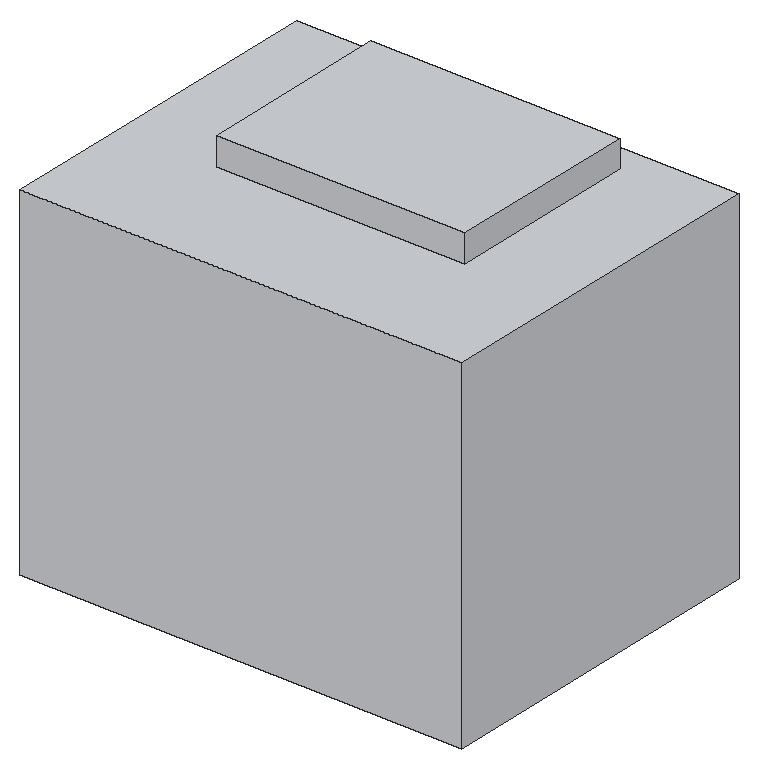
Revit family "c854d57a59bd4cbc8a73888a370b8e9b", category Mechanical Equipment, Revit 2021
Family settings
  Round Connector Dimension = Use Diameter
  Part Type = Normal
  OmniClass Number = 23.75.35.14
  OmniClass Title = Air Handling Units
  Seek Item ID = AHU Mixing Box - Economizer-0000-USA-ENU
  Work Plane-Based = No
  Always vertical = Yes
  Cut with Voids When Loaded = No
  Shared = No
  Room Calculation Point = No
Parameters (values of type "For 3 Square Feet of Coil")
  Width 1 = 0' - 2"
  Supply Air Outlet Width [instance] = 32"
  Supply Air Outlet Height [instance] = 25"
  Supply Air Outlet Flow [instance] = 1800 CFM
  Return Air Inlet Width [instance] = 32"
  Return Air Inlet Height [instance] = 25"
  Return Air Inlet Flow [instance] = 1440 CFM
  Fresh Air Inlet Width [instance] = 18"
  Fresh Air Inlet Height [instance] = 14"
  Fresh Air Inlet Flow [instance] = 360 CFM
  Economizer Width = 2' - 1"
  Economizer Material = none
  Economizer Length = 2' - 8"
  Economizer Height = 2' - 1"
  Default Elevation = 0' - 0"
  Air Pressure Drop [instance] = 0.20 in-wg
Types (17): name | Width 1 | Supply Air Outlet Width | Supply Air Outlet Height | Supply Air Outlet Flow | Return Air Inlet Width | Return Air Inlet Height | Return Air Inlet Flow | Fresh Air Inlet Width | Fresh Air Inlet Height | Fresh Air Inlet Flow | Economizer Width | Economizer Length | Economizer Height
  (no name) | 0' - 2" | 32" | 25" | 1800 CFM | 32" | 25" | 1440 CFM | 18" | 14" | 360 CFM | 2' - 1" | 2' - 8" | 2' - 1"
  For 3 Square Feet of Coil | 0' - 2" | 32" | 25" | 1800 CFM | 32" | 25" | 1440 CFM | 18" | 14" | 360 CFM | 2' - 1" | 2' - 8" | 2' - 1"
  For 100 Square Feet of Coil | 0' - 4" | 152" | 120" | 60000 CFM | 152" | 120" | 48000 CFM | 146" | 54" | 12000 CFM | 5' - 0" | 12' - 8" | 10' - 0"
  For 6 Square Feet of Coil | 0' - 3" | 44" | 28" | 3600 CFM | 44" | 28" | 2880 CFM | 32" | 14" | 720 CFM | 2' - 4" | 3' - 8" | 2' - 4"
  For 8 Square Feet of Coil | 0' - 4" | 48" | 32" | 4800 CFM | 48" | 32" | 3840 CFM | 34" | 14" | 960 CFM | 2' - 8" | 4' - 0" | 2' - 8"
  For 10 Square Feet of Coil | 0' - 4" | 60" | 34" | 6000 CFM | 60" | 34" | 4800 CFM | 56" | 20" | 1200 CFM | 2' - 10" | 5' - 0" | 2' - 10"
  For 12 Square Feet of Coil | 0' - 4" | 64" | 38" | 7200 CFM | 64" | 38" | 5760 CFM | 60" | 20" | 1440 CFM | 2' - 10" | 5' - 4" | 3' - 2"
  For 14 Square Feet of Coil | 0' - 4" | 68" | 40" | 8400 CFM | 68" | 40" | 6720 CFM | 64" | 20" | 1680 CFM | 2' - 10" | 5' - 8" | 3' - 4"
  For 17 Square Feet of Coil | 0' - 4" | 74" | 44" | 10200 CFM | 74" | 44" | 8160 CFM | 70" | 26" | 2040 CFM | 2' - 10" | 6' - 2" | 3' - 8"
  For 21 Square Feet of Coil | 0' - 2" | 76" | 50" | 12600 CFM | 76" | 50" | 10080 CFM | 72" | 30" | 2520 CFM | 2' - 10" | 6' - 4" | 4' - 2"
  For 25 Square Feet of Coil | 0' - 4" | 78" | 56" | 15000 CFM | 78" | 56" | 12000 CFM | 72" | 32" | 3000 CFM | 3' - 4" | 6' - 6" | 4' - 8"
  For 30 Square Feet of Coil | 0' - 4" | 92" | 56" | 18000 CFM | 92" | 56" | 14400 CFM | 86" | 32" | 3600 CFM | 3' - 4" | 7' - 8" | 4' - 8"
  For 35 Square Feet of Coil | 0' - 4" | 96" | 62" | 21000 CFM | 96" | 62" | 16800 CFM | 90" | 36" | 4200 CFM | 4' - 0" | 8' - 0" | 5' - 2"
  For 40 Square Feet of Coil | 0' - 4" | 110" | 62" | 24000 CFM | 110" | 62" | 19200 CFM | 100" | 36" | 4800 CFM | 4' - 0" | 9' - 2" | 5' - 2"
  For 50 Square Feet of Coil | 0' - 4" | 120" | 74" | 30000 CFM | 120" | 74" | 24000 CFM | 114" | 36" | 6000 CFM | 4' - 0" | 10' - 0" | 6' - 2"
  For 66 Square Feet of Coil | 0' - 4" | 138" | 92" | 39600 CFM | 138" | 92" | 31680 CFM | 132" | 42" | 7920 CFM | 4' - 2" | 11' - 6" | 7' - 8"
  For 80 Square Feet of Coil | 0' - 4" | 138" | 110" | 48000 CFM | 138" | 110" | 38400 CFM | 136" | 48" | 9600 CFM | 4' - 6" | 11' - 6" | 9' - 2"
Reference planes (in)
  plane 1 "Center (Front/Back)": y = 0
  plane 2: z = 0
  plane 3 "Center (Left/Right)": x = 0
  plane 4: y = 25
  plane 5: x = -16
  plane 6: x = 16
  plane 7: z = 25
  plane 8: y = 23
  plane 9: x = -9
  plane 10: x = 9
  plane 11: y = 9
  plane 12: z = 27
Forms (in)
  Extrusion 1, solid, material <- "Economizer Material"
    sketch origin (0, 0, 0) x (1, 0, 0) y (0, 1, 0)
      loop
        line (-16, 25) -> (-16, 0) -> (16, 0) -> (16, 25) -> (-16, 25)
    from 0 to 25
  Extrusion 2, solid, material <- "Economizer Material"
    sketch origin (0, 0, 0) x (1, 0, 0) y (0, 1, 0)
      loop
        line (-9, 23) -> (-9, 9) -> (9, 9) -> (9, 23) -> (-9, 23)
    from 25 to 27
Cuts and joins
  joined: Extrusion 1, Extrusion 2
Dimensions and locks (in)
  equal spacing: plane 5, plane 3 "Center (Left/Right)", plane 6
  "Economizer Length": plane 5 to plane 6
  "Economizer Width": plane 1 "Center (Front/Back)" to plane 4
  "Economizer Height": plane 7 to plane 2
  "Width 1": plane 4 to plane 8
  equal spacing: plane 9, plane 3 "Center (Left/Right)", plane 10
  "Fresh Air Inlet Width": plane 9 to plane 10
  "Fresh Air Inlet Height": plane 8 to plane 11
  locked: plane 12 to plane 7 at 2
  aligned and locked: plane 5 to Extrusion 1 sketch curve
  aligned and locked: Extrusion 1 sketch curve to plane 4
  aligned and locked: plane 1 "Center (Front/Back)" to Extrusion 1 sketch curve
  aligned and locked: Extrusion 1 sketch curve to plane 6
  aligned and locked: Extrusion 1 to plane 2
  aligned and locked: plane 7 to Extrusion 1
  aligned and locked: plane 9 to Extrusion 2 sketch curve
  aligned and locked: Extrusion 2 sketch curve to plane 8
  aligned and locked: plane 11 to Extrusion 2 sketch curve
  aligned and locked: Extrusion 2 sketch curve to plane 10
  aligned and locked: plane 12 to Extrusion 2
  aligned and locked: Extrusion 2 to plane 7
Connectors (in)
  hvac at (0, 25, 12.5), driven by "Return Air Inlet Height", driven by "Return Air Inlet Width", driven by "Return Air Inlet Flow"
    settings: on cut or joined group of Extrusion 1, Extrusion 2, index 1, duct flow 1440 CFM, flow factor 0, pres drop 0.00 in-wg, loss coef 0, conn angle 0.00°, conn width 32", conn height 25", conn diameter 24", duct sys type 2, conn prof type 1, flow config 0, flow direction 1, loss method 0, conn ref index -1, conn util no, is conn primary yes, conn desc ""
  hvac at (0, 0, 12.5), driven by "Supply Air Outlet Height", driven by "Supply Air Outlet Width", driven by "Air Pressure Drop", driven by "Supply Air Outlet Flow"
    settings: on cut or joined group of Extrusion 1, Extrusion 2, index 2, duct flow 1800 CFM, flow factor 0, pres drop 0.20 in-wg, loss coef 0, conn angle 0.00°, conn width 32", conn height 25", conn diameter 24", duct sys type 1, conn prof type 1, flow config 0, flow direction 2, loss method 4, conn ref index -1, conn util no, is conn primary no, conn desc ""
  hvac at (0, 16, 27), driven by "Fresh Air Inlet Height", driven by "Fresh Air Inlet Width", driven by "Fresh Air Inlet Flow"
    settings: on cut or joined group of Extrusion 1, Extrusion 2, index 3, duct flow 360 CFM, flow factor 0, pres drop 0.00 in-wg, loss coef 0, conn angle 0.00°, conn width 18", conn height 14", conn diameter 24", duct sys type 2, conn prof type 1, flow config 0, flow direction 1, loss method 0, conn ref index -1, conn util no, is conn primary no, conn desc ""
